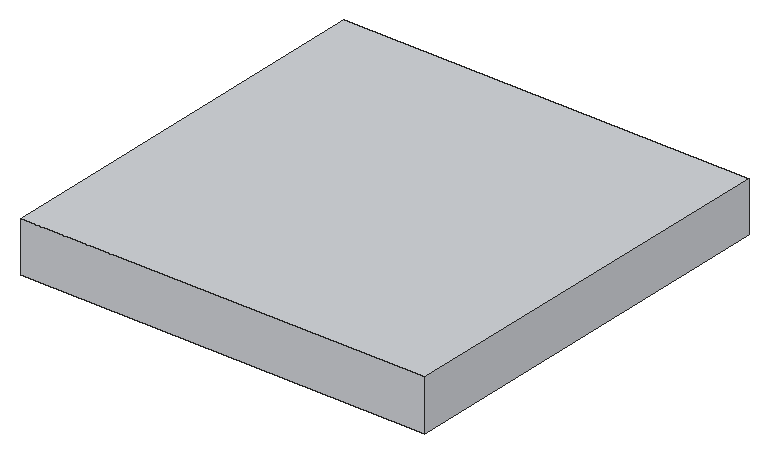
Revit family "00-7985-05-M1", category Luminarias, Revit 2017
Family settings
  Anfitrión = Cara
  Cota de conector redondo = Diámetro de uso
  Tipo de pieza = Normal
  Número OmniClass = 23.80.70.00
  Título OmniClass = Lighting
  Corte con vacíos al cargar = No
  Origen de luz = No
  Compartido = Sí
  Punto de cálculo de habitación = No
Parameters (values of type "00-7985-05-M1")
  Versión = "v1"
  Vatios (W) = 0
  Tipo de regulación = ""
  Tipo = "Colgante"
  Tender text (English) = "LEDS C4\nCoco\n00-7985-05-M1\n\nPendant for indoor use. \nStructure material: Steel, Aluminium. Structure finish: Black. Diffuser material: Polycarbonate. Diffuser finish: White. Warranty: 5 Years.\n\nProduct net weight (Kg): 0.000\nProduct length (mm): 1100\nProduct width or diameter (mm): 175\nProduct height (mm): 2100\n\nClass 1. IP: IP20. E14. No. of lampholders or LEDs: 2. Maximum power of light source: 7W. Gear included: No."
  Tender text (Castellano) = "LEDS C4\nCoco\n00-7985-05-M1\n\nColgante de uso interior \nMaterial estructura: Acero, Aluminio. Acabado estructura: Negro. Material difusor: Policarbonato. Acabado difusor: Blanco. Garantía: 5 Años.\n\nPeso neto del producto (Kg): 0.000\nLongitud del producto (mm): 1100\nAnchura o diámetro del producto (mm): 175\nAltura del producto (mm): 2100\n\nClase 1. IP: IP20. E14. Nº de portalámparas o Leds: 2. Potencia máxima de la fuente de luz: 7W. Equipo incluido: No."
  Temperatura color led (K) = ""
  Referencia = "00-7985-05-M1"
  Rayo de luz = ""
  Producto descatalogado = "Catalogado ES"
  Pluma comercial = ""
  Peso neto (KG) = 0
  Material = "Acero, Aluminio, Policarbonato"
  Lumenes reales (lm) = 0
  LDT = ""
  Imagen web = "http://files.leds-c4.com/main-photo/00-7985-05-M1"
  IfcExportType = "NOTDEFINED"
  IfcExportAs = "IfcLightFixture\r\nIfcLightFixture"
  IP = "IP20"
  IMC = "http://files.leds-c4.com/imc/00-7985-05-M1.html"
  IK = ""
  Fuente de luz = ""
  Fotometría = ""
  Ficha = "http://files.leds-c4.com/ft/es/00-7985-05-M1.html"
  FechaVersion = "Julio 2020"
  Familia = "Coco"
  Fabricante = "LEDS C4"
  Etiqueta V/f = "100-240V/50-60Hz"
  Elevación por defecto = 1000 mm
  Eficiencia energética = "NO BULB"
  EAN13 = "8435575369740"
  DescripcionUniformat2010 = "Lighting"
  DescripcionUniclass2015 = "Lighting"
  DescripcionOmniclass = "Lighting"
  DescripcionGubimclass = "Iluminación interior"
  CodigoUniformat2010 = "D5040"
  CodigoUniclass2015 = "EF_70_80"
  CodigoOmniclass = "21-04 50 40"
  CodigoGubimclass = "50.60.50.20"
  Catálogo = "Decorative"
  Carga aparente = 0 VA
  CRI = 0
  Acabado = "Negro, Blanco"
Values of the unnamed type that differ from the named types
  Tipo = ""
  Tender text (English) = ""
  Tender text (Castellano) = ""
  Referencia = ""
  Producto descatalogado = ""
  Material = ""
  Imagen web = ""
  IP = ""
  IMC = ""
  Ficha = ""
  Familia = ""
  Etiqueta V/f = ""
  Eficiencia energética = ""
  EAN13 = ""
  Catálogo = ""
  Acabado = ""
Reference planes
  plane 1 "Centro (Frontal/Posterior)": y = 0
  plane 2: z = 0
  plane 3 "Centro (Izquierda/Derecha)": x = 0
  plane 4 "Elevación de origen de luz": z = 0
  plane 5 "Eje de origen de luz (F/P)": y = 0
  plane 6 "Eje de origen de luz (I/D)": x = 0
Forms (mm)
  Extrusion 1, solid
    sketch origin (0, 0, 0) x (1, 0, 0) y (0, 1, 0)
      loop
        line (-1219.2, 1219.2) -> (-1219.2, -1219.2) -> (1219.2, -1219.2) -> (1219.2, 1219.2) -> (-1219.2, 1219.2)
    from 0 to -304.8
Dimensions and locks
  aligned and locked: plane 2 to Extrusion 1
  aligned and locked: level to Extrusion 1
Connectors
  electrical at (0, 0, 0)
    settings: on Extrusion 1, index 1, voltage 0 V, apparent load 0 VA, apparent load phase1 0 VA, apparent load phase2 0 VA, apparent load phase3 0 VA, power factor 1, load classification "Otro", number of poles 1, system type 31, power factor state 1, is connector primary yes, connector utility no, sub classification motor no, connector description ""
